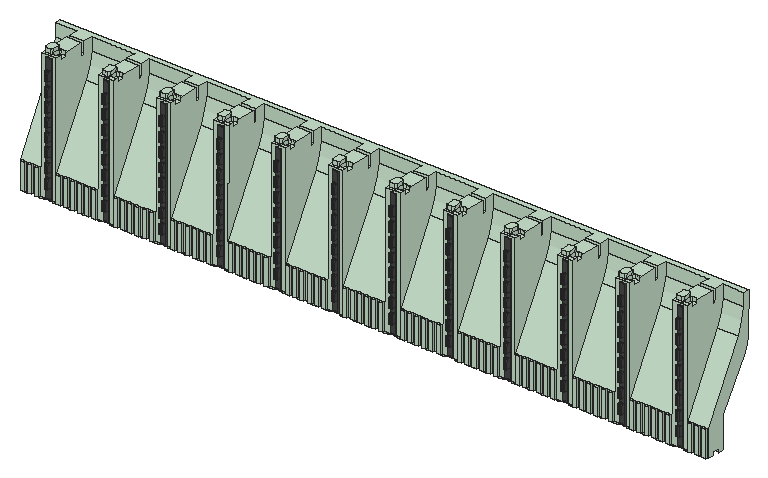
Revit family (continued)
Forms (mm)
  Extrusion 61, solid, material "NUDURA Expanded Polystyrene Foam Insulation"
    sketch origin (0, 0, 0) x (0, 1, 0) y (0, 0, 1)
      loop
        line (257.175, 330.2) -> (257.175, 457.2) -> (239.395, 457.2) -> (239.395, 412.75)
        arc (239.395, 412.75) -> (229.98, 370.464) -> (213.995, 330.2) r 273.05
        line (213.995, 330.2) -> (82.55, 92.075) -> (82.55, 0) -> (142.875, 0) -> (142.875, 98.425)
        arc (142.875, 98.425) -> (143.415, 104.58) -> (145.215, 110.49) r 29.756
        line (145.215, 110.49) -> (240.16, 266.7)
        arc (240.16, 266.7) -> (252.848, 297.33) -> (257.175, 330.2) r 127
    from 0 to 2438.4
  Extrusion 62, solid, material "NUDURA Expanded Polystyrene Foam Insulation"
    sketch origin (0, 0, 0) x (0, 1, 0) y (0, 0, 1)
      loop
        arc (206.375, 419.1) -> (200.025, 412.75) -> (193.675, 419.1) r 6.35
        line (193.675, 419.1) -> (193.675, 457.2) -> (82.55, 457.2) -> (82.55, 92.075) -> (213.995, 330.2)
        arc (213.995, 330.2) -> (229.98, 370.464) -> (239.395, 412.75) r 273.05
        line (239.395, 412.75) -> (239.395, 457.2) -> (206.375, 457.2) -> (206.375, 419.1)
    from 76.2 to 127
  Extrusion 63, solid, material "NUDURA Expanded Polystyrene Foam Insulation"
    sketch origin (0, 0, 0) x (0, 1, 0) y (0, 0, 1)
      loop
        arc (206.375, 419.1) -> (200.025, 412.75) -> (193.675, 419.1) r 6.35
        line (193.675, 419.1) -> (193.675, 457.2) -> (82.55, 457.2) -> (82.55, 92.075) -> (213.995, 330.2)
        arc (213.995, 330.2) -> (229.98, 370.464) -> (239.395, 412.75) r 273.05
        line (239.395, 412.75) -> (239.395, 457.2) -> (206.375, 457.2) -> (206.375, 419.1)
    from 279.4 to 330.2
  Extrusion 64, solid, material "NUDURA Expanded Polystyrene Foam Insulation"
    sketch origin (203.2, 0, 0) x (0, 1, 0) y (0, 0, 1)
      loop
        arc (206.375, 419.1) -> (200.025, 412.75) -> (193.675, 419.1) r 6.35
        line (193.675, 419.1) -> (193.675, 457.2) -> (82.55, 457.2) -> (82.55, 92.075) -> (213.995, 330.2)
        arc (213.995, 330.2) -> (229.98, 370.464) -> (239.395, 412.75) r 273.05
        line (239.395, 412.75) -> (239.395, 457.2) -> (206.375, 457.2) -> (206.375, 419.1)
    from 279.4 to 330.2
  Extrusion 65, solid, material "NUDURA Expanded Polystyrene Foam Insulation"
    sketch origin (0, 0, 0) x (0, 1, 0) y (0, 0, 1)
      loop
        line (239.395, 457.2) -> (206.375, 457.2) -> (206.375, 419.1)
        arc (206.375, 419.1) -> (200.025, 412.75) -> (193.675, 419.1) r 6.35
        line (193.675, 419.1) -> (193.675, 457.2) -> (82.55, 457.2) -> (82.55, 92.075) -> (213.995, 330.2)
        arc (213.995, 330.2) -> (229.98, 370.464) -> (239.395, 412.75) r 273.05
        line (239.395, 412.75) -> (239.395, 457.2)
    from 685.8 to 736.6
  Extrusion 66, solid, material "NUDURA Expanded Polystyrene Foam Insulation"
    sketch origin (0, 0, 0) x (0, 1, 0) y (0, 0, 1)
      loop
        line (239.395, 457.2) -> (206.375, 457.2) -> (206.375, 419.1)
        arc (206.375, 419.1) -> (200.025, 412.75) -> (193.675, 419.1) r 6.35
        line (193.675, 419.1) -> (193.675, 457.2) -> (82.55, 457.2) -> (82.55, 92.075) -> (213.995, 330.2)
        arc (213.995, 330.2) -> (229.98, 370.464) -> (239.395, 412.75) r 273.05
        line (239.395, 412.75) -> (239.395, 457.2)
    from 889 to 939.8
  Extrusion 67, solid, material "NUDURA Expanded Polystyrene Foam Insulation"
    sketch origin (0, 0, 0) x (0, 1, 0) y (0, 0, 1)
      loop
        line (239.395, 457.2) -> (206.375, 457.2) -> (206.375, 419.1)
        arc (206.375, 419.1) -> (200.025, 412.75) -> (193.675, 419.1) r 6.35
        line (193.675, 419.1) -> (193.675, 457.2) -> (82.55, 457.2) -> (82.55, 92.075) -> (213.995, 330.2)
        arc (213.995, 330.2) -> (229.98, 370.464) -> (239.395, 412.75) r 273.05
        line (239.395, 412.75) -> (239.395, 457.2)
    from 1092.2 to 1143
  Extrusion 68, solid, material "NUDURA Expanded Polystyrene Foam Insulation"
    sketch origin (0, 0, 0) x (0, 1, 0) y (0, 0, 1)
      loop
        line (239.395, 457.2) -> (206.375, 457.2) -> (206.375, 419.1)
        arc (206.375, 419.1) -> (200.025, 412.75) -> (193.675, 419.1) r 6.35
        line (193.675, 419.1) -> (193.675, 457.2) -> (82.55, 457.2) -> (82.55, 92.075) -> (213.995, 330.2)
        arc (213.995, 330.2) -> (229.98, 370.464) -> (239.395, 412.75) r 273.05
        line (239.395, 412.75) -> (239.395, 457.2)
    from 1295.4 to 1346.2
  Extrusion 69, solid, material "NUDURA Expanded Polystyrene Foam Insulation"
    sketch origin (0, 0, 0) x (0, 1, 0) y (0, 0, 1)
      loop
        line (239.395, 457.2) -> (206.375, 457.2) -> (206.375, 419.1)
        arc (206.375, 419.1) -> (200.025, 412.75) -> (193.675, 419.1) r 6.35
        line (193.675, 419.1) -> (193.675, 457.2) -> (82.55, 457.2) -> (82.55, 92.075) -> (213.995, 330.2)
        arc (213.995, 330.2) -> (229.98, 370.464) -> (239.395, 412.75) r 273.05
        line (239.395, 412.75) -> (239.395, 457.2)
    from 1498.6 to 1549.4
  Extrusion 70, solid, material "NUDURA Expanded Polystyrene Foam Insulation"
    sketch origin (0, 0, 0) x (0, 1, 0) y (0, 0, 1)
      loop
        line (239.395, 457.2) -> (206.375, 457.2) -> (206.375, 419.1)
        arc (206.375, 419.1) -> (200.025, 412.75) -> (193.675, 419.1) r 6.35
        line (193.675, 419.1) -> (193.675, 457.2) -> (82.55, 457.2) -> (82.55, 92.075) -> (213.995, 330.2)
        arc (213.995, 330.2) -> (229.98, 370.464) -> (239.395, 412.75) r 273.05
        line (239.395, 412.75) -> (239.395, 457.2)
    from 1701.8 to 1752.6
  Extrusion 71, solid, material "NUDURA Expanded Polystyrene Foam Insulation"
    sketch origin (0, 0, 0) x (0, 1, 0) y (0, 0, 1)
      loop
        line (239.395, 457.2) -> (206.375, 457.2) -> (206.375, 419.1)
        arc (206.375, 419.1) -> (200.025, 412.75) -> (193.675, 419.1) r 6.35
        line (193.675, 419.1) -> (193.675, 457.2) -> (82.55, 457.2) -> (82.55, 92.075) -> (213.995, 330.2)
        arc (213.995, 330.2) -> (229.98, 370.464) -> (239.395, 412.75) r 273.05
        line (239.395, 412.75) -> (239.395, 457.2)
    from 1905 to 1955.8
  Extrusion 72, solid, material "NUDURA Expanded Polystyrene Foam Insulation"
    sketch origin (0, 0, 0) x (0, 1, 0) y (0, 0, 1)
      loop
        line (239.395, 457.2) -> (206.375, 457.2) -> (206.375, 419.1)
        arc (206.375, 419.1) -> (200.025, 412.75) -> (193.675, 419.1) r 6.35
        line (193.675, 419.1) -> (193.675, 457.2) -> (82.55, 457.2) -> (82.55, 92.075) -> (213.995, 330.2)
        arc (213.995, 330.2) -> (229.98, 370.464) -> (239.395, 412.75) r 273.05
        line (239.395, 412.75) -> (239.395, 457.2)
    from 2108.2 to 2159
  Extrusion 73, solid, material "NUDURA Expanded Polystyrene Foam Insulation"
    sketch origin (0, 0, 0) x (0, 1, 0) y (0, 0, 1)
      loop
        line (239.395, 457.2) -> (206.375, 457.2) -> (206.375, 419.1)
        arc (206.375, 419.1) -> (200.025, 412.75) -> (193.675, 419.1) r 6.35
        line (193.675, 419.1) -> (193.675, 457.2) -> (82.55, 457.2) -> (82.55, 92.075) -> (213.995, 330.2)
        arc (213.995, 330.2) -> (229.98, 370.464) -> (239.395, 412.75) r 273.05
        line (239.395, 412.75) -> (239.395, 457.2)
    from 2311.4 to 2362.2
  Extrusion 74, solid, material "NUDURA Expanded Polystyrene Foam Insulation"
    sketch origin (0, 0, 0) x (1, 0, 0) y (0, 1, 0)
      loop
        line (2418.558, 76.2) -> (2432.842, 76.2) -> (2431.258, 82.55) -> (2420.142, 82.55) -> (2418.558, 76.2)
      loop
        line (2393.158, 76.2) -> (2407.442, 76.2) -> (2405.858, 82.55) -> (2394.742, 82.55) -> (2393.158, 76.2)
      loop
        line (2367.758, 76.2) -> (2382.042, 76.2) -> (2380.458, 82.55) -> (2369.342, 82.55) -> (2367.758, 76.2)
      loop
        line (2291.558, 76.2) -> (2305.842, 76.2) -> (2304.258, 82.55) -> (2293.142, 82.55) -> (2291.558, 76.2)
      loop
        line (2266.158, 76.2) -> (2280.442, 76.2) -> (2278.858, 82.55) -> (2267.742, 82.55) -> (2266.158, 76.2)
      loop
        line (2240.758, 76.2) -> (2255.042, 76.2) -> (2253.458, 82.55) -> (2242.342, 82.55) -> (2240.758, 76.2)
      loop
        line (2215.358, 76.2) -> (2229.642, 76.2) -> (2228.058, 82.55) -> (2216.942, 82.55) -> (2215.358, 76.2)
      loop
        line (2189.958, 76.2) -> (2204.242, 76.2) -> (2202.658, 82.55) -> (2191.542, 82.55) -> (2189.958, 76.2)
      loop
        line (2164.558, 76.2) -> (2178.842, 76.2) -> (2177.258, 82.55) -> (2166.142, 82.55) -> (2164.558, 76.2)
      loop
        line (2088.358, 76.2) -> (2102.642, 76.2) -> (2101.058, 82.55) -> (2089.942, 82.55) -> (2088.358, 76.2)
      loop
        line (2062.958, 76.2) -> (2077.242, 76.2) -> (2075.658, 82.55) -> (2064.542, 82.55) -> (2062.958, 76.2)
      loop
        line (2037.558, 76.2) -> (2051.842, 76.2) -> (2050.258, 82.55) -> (2039.142, 82.55) -> (2037.558, 76.2)
      loop
        line (2012.158, 76.2) -> (2026.442, 76.2) -> (2024.858, 82.55) -> (2013.742, 82.55) -> (2012.158, 76.2)
      loop
        line (1986.758, 76.2) -> (2001.042, 76.2) -> (1999.458, 82.55) -> (1988.342, 82.55) -> (1986.758, 76.2)
      loop
        line (1961.358, 76.2) -> (1975.642, 76.2) -> (1974.058, 82.55) -> (1962.942, 82.55) -> (1961.358, 76.2)
      loop
        line (1885.158, 76.2) -> (1899.442, 76.2) -> (1897.858, 82.55) -> (1886.742, 82.55) -> (1885.158, 76.2)
      loop
        line (1859.758, 76.2) -> (1874.042, 76.2) -> (1872.458, 82.55) -> (1861.342, 82.55) -> (1859.758, 76.2)
      loop
        line (1834.358, 76.2) -> (1848.642, 76.2) -> (1847.058, 82.55) -> (1835.942, 82.55) -> (1834.358, 76.2)
      loop
        line (1808.958, 76.2) -> (1823.242, 76.2) -> (1821.658, 82.55) -> (1810.542, 82.55) -> (1808.958, 76.2)
      loop
        line (1783.558, 76.2) -> (1797.842, 76.2) -> (1796.258, 82.55) -> (1785.142, 82.55) -> (1783.558, 76.2)
      loop
        line (1758.158, 76.2) -> (1772.442, 76.2) -> (1770.858, 82.55) -> (1759.742, 82.55) -> (1758.158, 76.2)
      loop
        line (1681.958, 76.2) -> (1696.242, 76.2) -> (1694.658, 82.55) -> (1683.542, 82.55) -> (1681.958, 76.2)
      loop
        line (1656.558, 76.2) -> (1670.842, 76.2) -> (1669.258, 82.55) -> (1658.142, 82.55) -> (1656.558, 76.2)
      loop
        line (1631.158, 76.2) -> (1645.442, 76.2) -> (1643.858, 82.55) -> (1632.742, 82.55) -> (1631.158, 76.2)
      loop
        line (1605.758, 76.2) -> (1620.042, 76.2) -> (1618.458, 82.55) -> (1607.342, 82.55) -> (1605.758, 76.2)
      loop
        line (1580.358, 76.2) -> (1594.642, 76.2) -> (1593.058, 82.55) -> (1581.942, 82.55) -> (1580.358, 76.2)
      loop
        line (1554.958, 76.2) -> (1569.242, 76.2) -> (1567.658, 82.55) -> (1556.542, 82.55) -> (1554.958, 76.2)
      loop
        line (1478.758, 76.2) -> (1493.042, 76.2) -> (1491.458, 82.55) -> (1480.342, 82.55) -> (1478.758, 76.2)
      loop
        line (1453.358, 76.2) -> (1467.642, 76.2) -> (1466.058, 82.55) -> (1454.942, 82.55) -> (1453.358, 76.2)
      loop
        line (1427.958, 76.2) -> (1442.242, 76.2) -> (1440.658, 82.55) -> (1429.542, 82.55) -> (1427.958, 76.2)
      loop
        line (1402.558, 76.2) -> (1416.842, 76.2) -> (1415.258, 82.55) -> (1404.142, 82.55) -> (1402.558, 76.2)
      loop
        line (1377.158, 76.2) -> (1391.442, 76.2) -> (1389.858, 82.55) -> (1378.742, 82.55) -> (1377.158, 76.2)
      loop
        line (1351.758, 76.2) -> (1366.042, 76.2) -> (1364.458, 82.55) -> (1353.342, 82.55) -> (1351.758, 76.2)
      loop
        line (1275.558, 76.2) -> (1289.842, 76.2) -> (1288.258, 82.55) -> (1277.142, 82.55) -> (1275.558, 76.2)
      loop
        line (1250.158, 76.2) -> (1264.442, 76.2) -> (1262.858, 82.55) -> (1251.742, 82.55) -> (1250.158, 76.2)
      loop
        line (1224.758, 76.2) -> (1239.042, 76.2) -> (1237.458, 82.55) -> (1226.342, 82.55) -> (1224.758, 76.2)
      loop
        line (1199.358, 76.2) -> (1213.642, 76.2) -> (1212.058, 82.55) -> (1200.942, 82.55) -> (1199.358, 76.2)
      loop
        line (1173.958, 76.2) -> (1188.242, 76.2) -> (1186.658, 82.55) -> (1175.542, 82.55) -> (1173.958, 76.2)
      loop
        line (1148.558, 76.2) -> (1162.842, 76.2) -> (1161.258, 82.55) -> (1150.142, 82.55) -> (1148.558, 76.2)
      loop
        line (1072.358, 76.2) -> (1086.642, 76.2) -> (1085.058, 82.55) -> (1073.942, 82.55) -> (1072.358, 76.2)
      loop
        line (1046.958, 76.2) -> (1061.242, 76.2) -> (1059.658, 82.55) -> (1048.542, 82.55) -> (1046.958, 76.2)
      loop
        line (1021.558, 76.2) -> (1035.842, 76.2) -> (1034.258, 82.55) -> (1023.142, 82.55) -> (1021.558, 76.2)
      loop
        line (996.158, 76.2) -> (1010.442, 76.2) -> (1008.858, 82.55) -> (997.742, 82.55) -> (996.158, 76.2)
      loop
        line (970.758, 76.2) -> (985.042, 76.2) -> (983.458, 82.55) -> (972.342, 82.55) -> (970.758, 76.2)
      loop
        line (945.358, 76.2) -> (959.642, 76.2) -> (958.058, 82.55) -> (946.942, 82.55) -> (945.358, 76.2)
      loop
        line (869.158, 76.2) -> (883.442, 76.2) -> (881.858, 82.55) -> (870.742, 82.55) -> (869.158, 76.2)
      loop
        line (843.758, 76.2) -> (858.042, 76.2) -> (856.458, 82.55) -> (845.342, 82.55) -> (843.758, 76.2)
      loop
        line (818.358, 76.2) -> (832.642, 76.2) -> (831.058, 82.55) -> (819.942, 82.55) -> (818.358, 76.2)
      loop
        line (792.958, 76.2) -> (807.242, 76.2) -> (805.658, 82.55) -> (794.542, 82.55) -> (792.958, 76.2)
      loop
        line (767.558, 76.2) -> (781.842, 76.2) -> (780.258, 82.55) -> (769.142, 82.55) -> (767.558, 76.2)
      loop
        line (742.158, 76.2) -> (756.442, 76.2) -> (754.858, 82.55) -> (743.742, 82.55) -> (742.158, 76.2)
      loop
        line (665.958, 76.2) -> (680.242, 76.2) -> (678.658, 82.55) -> (667.542, 82.55) -> (665.958, 76.2)
      loop
        line (640.558, 76.2) -> (654.842, 76.2) -> (653.258, 82.55) -> (642.142, 82.55) -> (640.558, 76.2)
      loop
        line (615.158, 76.2) -> (629.442, 76.2) -> (627.858, 82.55) -> (616.742, 82.55) -> (615.158, 76.2)
      loop
        line (589.758, 76.2) -> (604.042, 76.2) -> (602.458, 82.55) -> (591.342, 82.55) -> (589.758, 76.2)
      loop
        line (564.358, 76.2) -> (578.642, 76.2) -> (577.058, 82.55) -> (565.942, 82.55) -> (564.358, 76.2)
      loop
        line (538.958, 76.2) -> (553.242, 76.2) -> (551.658, 82.55) -> (540.542, 82.55) -> (538.958, 76.2)
      loop
        line (462.758, 76.2) -> (477.042, 76.2) -> (475.458, 82.55) -> (464.342, 82.55) -> (462.758, 76.2)
      loop
        line (437.358, 76.2) -> (451.642, 76.2) -> (450.058, 82.55) -> (438.942, 82.55) -> (437.358, 76.2)
      loop
        line (411.958, 76.2) -> (426.242, 76.2) -> (424.658, 82.55) -> (413.542, 82.55) -> (411.958, 76.2)
      loop
        line (386.558, 76.2) -> (400.842, 76.2) -> (399.258, 82.55) -> (388.142, 82.55) -> (386.558, 76.2)
      loop
        line (361.158, 76.2) -> (375.442, 76.2) -> (373.858, 82.55) -> (362.742, 82.55) -> (361.158, 76.2)
      loop
        line (335.758, 76.2) -> (350.042, 76.2) -> (348.458, 82.55) -> (337.342, 82.55) -> (335.758, 76.2)
      loop
        line (259.558, 76.2) -> (273.842, 76.2) -> (272.258, 82.55) -> (261.142, 82.55) -> (259.558, 76.2)
      loop
        line (234.158, 76.2) -> (248.442, 76.2) -> (246.858, 82.55) -> (235.742, 82.55) -> (234.158, 76.2)
      loop
        line (208.758, 76.2) -> (223.042, 76.2) -> (221.458, 82.55) -> (210.342, 82.55) -> (208.758, 76.2)
      loop
        line (183.358, 76.2) -> (197.642, 76.2) -> (196.058, 82.55) -> (184.942, 82.55) -> (183.358, 76.2)
      loop
        line (157.958, 76.2) -> (172.242, 76.2) -> (170.658, 82.55) -> (159.542, 82.55) -> (157.958, 76.2)
      loop
        line (132.558, 76.2) -> (146.842, 76.2) -> (145.258, 82.55) -> (134.142, 82.55) -> (132.558, 76.2)
      loop
        line (56.358, 76.2) -> (70.642, 76.2) -> (69.058, 82.55) -> (57.942, 82.55) -> (56.358, 76.2)
      loop
        line (30.958, 76.2) -> (45.242, 76.2) -> (43.658, 82.55) -> (32.542, 82.55) -> (30.958, 76.2)
      loop
        line (5.558, 76.2) -> (19.842, 76.2) -> (18.258, 82.55) -> (7.142, 82.55) -> (5.558, 76.2)
    from 0 to 92.075
Cuts and joins
  Extrusion 1, Extrusion 13, Extrusion 14, Extrusion 15, Extrusion 16, Extrusion 17, Extrusion 18, Extrusion 19, Extrusion 20, Extrusion 21, Extrusion 22, Extrusion 23, Extrusion 24, Extrusion 25, Extrusion 26, Extrusion 27, Extrusion 28, Extrusion 29, Extrusion 30, Extrusion 31, Extrusion 32, Extrusion 33, Extrusion 34, Extrusion 35, Extrusion 36, Extrusion 37, Extrusion 38, Extrusion 39, Extrusion 40, Extrusion 41, Extrusion 42, Extrusion 43, Extrusion 44, Extrusion 45, Extrusion 46, Extrusion 47, Extrusion 48, Extrusion 49, Extrusion 50, Extrusion 51, Extrusion 52, Extrusion 53, Extrusion 54, Extrusion 55, Extrusion 56, Extrusion 57, Extrusion 58, Extrusion 59, Extrusion 60 cuts Extrusion 61
  Extrusion 12 cuts Extrusion 62
  Extrusion 11 cuts Extrusion 63
  Extrusion 10 cuts Extrusion 64
  Extrusion 9 cuts Extrusion 65
  Extrusion 8 cuts Extrusion 66
  Extrusion 7 cuts Extrusion 67
  Extrusion 6 cuts Extrusion 68
  Extrusion 5 cuts Extrusion 69
  Extrusion 4 cuts Extrusion 70
  Extrusion 3 cuts Extrusion 71
  Extrusion 2 cuts Extrusion 72
  Extrusion 1 cuts Extrusion 73
  joined: Extrusion 61, Extrusion 62, Extrusion 63, Extrusion 64, Extrusion 65, Extrusion 66, Extrusion 67, Extrusion 68, Extrusion 69, Extrusion 70, Extrusion 71, Extrusion 72, Extrusion 73, Extrusion 74
Dimensions and locks
  aligned and locked: level to plane 2
Nested families
  nested 1: "Interlock Tooth" at (76.2, 225.425, 0), type "Interlock Tooth"
  nested 2: "Interlock Tooth" at (279.4, 225.425, 0), type "Interlock Tooth"
  nested 3: "Interlock Tooth" at (482.6, 225.425, 0), type "Interlock Tooth"
  nested 4: "Interlock Tooth" at (685.8, 225.425, 0), type "Interlock Tooth"
  nested 5: "Interlock Tooth" at (889, 225.425, 0), type "Interlock Tooth"
  nested 6: "Interlock Tooth" at (1092.2, 225.425, 0), type "Interlock Tooth"
  nested 7: "Interlock Tooth" at (1295.4, 225.425, 0), type "Interlock Tooth"
  nested 8: "Interlock Tooth" at (1498.6, 225.425, 0), type "Interlock Tooth"
  nested 9: "Interlock Tooth" at (1701.8, 225.425, 0), type "Interlock Tooth"
  nested 10: "Interlock Tooth" at (1905, 225.425, 0), type "Interlock Tooth"
  nested 11: "Interlock Tooth" at (2108.2, 225.425, 0), type "Interlock Tooth"
  nested 12: "Interlock Tooth" at (2311.4, 225.425, 0), type "Interlock Tooth"
  nested 13: "Interlock Tooth" at (0, 0, -469.9), type "Interlock Tooth"
  nested 14: "Interlock Tooth" at (50.8, 0, -469.9), type "Interlock Tooth"
  nested 15: "Interlock Tooth" at (101.6, 0, -469.9), type "Interlock Tooth"
  nested 16: "Interlock Tooth" at (152.4, 0, -469.9), type "Interlock Tooth"
  nested 17: "Interlock Tooth" at (203.2, 0, -469.9), type "Interlock Tooth"
  nested 18: "Interlock Tooth" at (254, 0, -469.9), type "Interlock Tooth"
  nested 19: "Interlock Tooth" at (304.8, 0, -469.9), type "Interlock Tooth"
  nested 20: "Interlock Tooth" at (355.6, 0, -469.9), type "Interlock Tooth"
  nested 21: "Interlock Tooth" at (406.4, 0, -469.9), type "Interlock Tooth"
  nested 22: "Interlock Tooth" at (457.2, 0, -469.9), type "Interlock Tooth"
  nested 23: "Interlock Tooth" at (508, 0, -469.9), type "Interlock Tooth"
  nested 24: "Interlock Tooth" at (558.8, 0, -469.9), type "Interlock Tooth"
  nested 25: "Interlock Tooth" at (609.6, 0, -469.9), type "Interlock Tooth"
  nested 26: "Interlock Tooth" at (660.4, 0, -469.9), type "Interlock Tooth"
  nested 27: "Interlock Tooth" at (711.2, 0, -469.9), type "Interlock Tooth"
  nested 28: "Interlock Tooth" at (762, 0, -469.9), type "Interlock Tooth"
  nested 29: "Interlock Tooth" at (812.8, 0, -469.9), type "Interlock Tooth"
  nested 30: "Interlock Tooth" at (863.6, 0, -469.9), type "Interlock Tooth"
  nested 31: "Interlock Tooth" at (914.4, 0, -469.9), type "Interlock Tooth"
  nested 32: "Interlock Tooth" at (965.2, 0, -469.9), type "Interlock Tooth"
  nested 33: "Interlock Tooth" at (1016, 0, -469.9), type "Interlock Tooth"
  nested 34: "Interlock Tooth" at (1066.8, 0, -469.9), type "Interlock Tooth"
  nested 35: "Interlock Tooth" at (1117.6, 0, -469.9), type "Interlock Tooth"
  nested 36: "Interlock Tooth" at (1168.4, 0, -469.9), type "Interlock Tooth"
  nested 37: "Interlock Tooth" at (1219.2, 0, -469.9), type "Interlock Tooth"
  nested 38: "Interlock Tooth" at (1270, 0, -469.9), type "Interlock Tooth"
  nested 39: "Interlock Tooth" at (1320.8, 0, -469.9), type "Interlock Tooth"
  nested 40: "Interlock Tooth" at (1371.6, 0, -469.9), type "Interlock Tooth"
  nested 41: "Interlock Tooth" at (1422.4, 0, -469.9), type "Interlock Tooth"
  nested 42: "Interlock Tooth" at (1473.2, 0, -469.9), type "Interlock Tooth"
  nested 43: "Interlock Tooth" at (1524, 0, -469.9), type "Interlock Tooth"
  nested 44: "Interlock Tooth" at (1574.8, 0, -469.9), type "Interlock Tooth"
  nested 45: "Interlock Tooth" at (1625.6, 0, -469.9), type "Interlock Tooth"
  nested 46: "Interlock Tooth" at (1676.4, 0, -469.9), type "Interlock Tooth"
  nested 47: "Interlock Tooth" at (1727.2, 0, -469.9), type "Interlock Tooth"
  nested 48: "Interlock Tooth" at (1778, 0, -469.9), type "Interlock Tooth"
  nested 49: "Interlock Tooth" at (1828.8, 0, -469.9), type "Interlock Tooth"
  nested 50: "Interlock Tooth" at (1879.6, 0, -469.9), type "Interlock Tooth"
  nested 51: "Interlock Tooth" at (1930.4, 0, -469.9), type "Interlock Tooth"
  nested 52: "Interlock Tooth" at (1981.2, 0, -469.9), type "Interlock Tooth"
  nested 53: "Interlock Tooth" at (2032, 0, -469.9), type "Interlock Tooth"
  nested 54: "Interlock Tooth" at (2082.8, 0, -469.9), type "Interlock Tooth"
  nested 55: "Interlock Tooth" at (2133.6, 0, -469.9), type "Interlock Tooth"
  nested 56: "Interlock Tooth" at (2184.4, 0, -469.9), type "Interlock Tooth"
  nested 57: "Interlock Tooth" at (2235.2, 0, -469.9), type "Interlock Tooth"
  nested 58: "Interlock Tooth" at (2286, 0, -469.9), type "Interlock Tooth"
  nested 59: "Interlock Tooth" at (2336.8, 0, -469.9), type "Interlock Tooth"
  nested 60: "Interlock Tooth" at (2387.6, 0, -469.9), type "Interlock Tooth"
  nested 61: "NUDURA Brick Ledge Diamond Pattern" at (2235.2, 285.75, 0), type "NUDURA Brick Ledge Diamond Pattern"
  nested 62: "NUDURA Brick Ledge Diamond Pattern" at (2032, 285.75, 0), type "NUDURA Brick Ledge Diamond Pattern"
  nested 63: "NUDURA Brick Ledge Diamond Pattern" at (1828.8, 285.75, 0), type "NUDURA Brick Ledge Diamond Pattern"
  nested 64: "NUDURA Brick Ledge Diamond Pattern" at (1625.6, 285.75, 0), type "NUDURA Brick Ledge Diamond Pattern"
  nested 65: "NUDURA Brick Ledge Diamond Pattern" at (1422.4, 285.75, 0), type "NUDURA Brick Ledge Diamond Pattern"
  nested 66: "NUDURA Brick Ledge Diamond Pattern" at (1219.2, 285.75, 0), type "NUDURA Brick Ledge Diamond Pattern"
  nested 67: "NUDURA Brick Ledge Diamond Pattern" at (1016, 285.75, 0), type "NUDURA Brick Ledge Diamond Pattern"
  nested 68: "NUDURA Brick Ledge Diamond Pattern" at (812.8, 285.75, 0), type "NUDURA Brick Ledge Diamond Pattern"
  nested 69: "NUDURA Brick Ledge Diamond Pattern" at (609.6, 285.75, 0), type "NUDURA Brick Ledge Diamond Pattern"
  nested 70: "NUDURA Brick Ledge Diamond Pattern" at (406.4, 285.75, 0), type "NUDURA Brick Ledge Diamond Pattern"
  nested 71: "NUDURA Brick Ledge Diamond Pattern" at (203.2, 285.75, 0), type "NUDURA Brick Ledge Diamond Pattern"
  nested 72: "NUDURA Brick Ledge Diamond Pattern" at (0, 285.75, 0), type "NUDURA Brick Ledge Diamond Pattern"
  nested 73: "Capture Lugs" at (101.6, 0, 0) x (-1, 0, 0) z (0, 0, 1), type "Capture Lugs"
  nested 74: "Capture Lugs" at (304.8, 0, 0) x (-1, 0, 0) z (0, 0, 1), type "Capture Lugs"
  nested 75: "Capture Lugs" at (508, 0, 0) x (-1, 0, 0) z (0, 0, 1), type "Capture Lugs"
  nested 76: "Capture Lugs" at (711.2, 0, 0) x (-1, 0, 0) z (0, 0, 1), type "Capture Lugs"
  nested 77: "Capture Lugs" at (914.4, 0, 0) x (-1, 0, 0) z (0, 0, 1), type "Capture Lugs"
  nested 78: "Capture Lugs" at (1320.8, 0, 0) x (-1, 0, 0) z (0, 0, 1), type "Capture Lugs"
  nested 79: "Capture Lugs" at (1117.6, 0, 0) x (-1, 0, 0) z (0, 0, 1), type "Capture Lugs"
  nested 80: "Capture Lugs" at (1524, 0, 0) x (-1, 0, 0) z (0, 0, 1), type "Capture Lugs"
  nested 81: "Capture Lugs" at (1727.2, 0, 0) x (-1, 0, 0) z (0, 0, 1), type "Capture Lugs"
  nested 82: "Capture Lugs" at (1930.4, 0, 0) x (-1, 0, 0) z (0, 0, 1), type "Capture Lugs"
  nested 83: "Capture Lugs" at (2133.6, 0, 0) x (-1, 0, 0) z (0, 0, 1), type "Capture Lugs"
  nested 84: "Capture Lugs" at (2336.8, 0, 0) x (-1, 0, 0) z (0, 0, 1), type "Capture Lugs"
Definition of nested family "Interlock Tooth"
  Reference planes
    plane 1 "Center (Front/Back)": y = 0
    plane 2: z = 0
    plane 3 "Center (Left/Right)": x = 0
    plane 4: z = 457.2
    plane 5: z = 469.9
    plane 6: z = -12.7
  Forms (mm)
    Extrusion 1, solid, material "NUDURA Expanded Polystyrene Foam Insulation"
      sketch origin (0, -225.425, 0) x (1, 0, 0) y (0, 1, 0)
        loop
          arc (0, 101.014) -> (1.215, 97.278) -> (4.396, 94.972) r 6.35
          arc (4.396, 94.972) -> (12.7, 93.663) -> (21.004, 94.972) r 26.988
          arc (21.004, 94.972) -> (24.185, 97.278) -> (25.4, 101.014) r 6.35
          line (25.4, 101.014) -> (25.4, 124.411)
          arc (25.4, 124.411) -> (24.185, 128.147) -> (21.004, 130.453) r 6.35
          arc (21.004, 130.453) -> (12.7, 131.763) -> (4.396, 130.453) r 26.987
          arc (4.396, 130.453) -> (1.215, 128.147) -> (0, 124.411) r 6.35
          line (0, 124.411) -> (0, 101.014)
      from 457.2 to 469.9
  Dimensions and locks
    locked: plane 4 to level at 457.2
    locked: plane 4 to plane 5 at 12.7
    locked: plane 6 to level at 12.7
Definition of nested family "Capture Lugs"
  Reference planes
    plane 1 "Center (Front/Back)": y = 0
    plane 2: z = 0
    plane 3 "Center (Left/Right)": x = 0
  Forms (mm)
    Extrusion 1, solid, material "High Density Polystyrene"
      sketch origin (0, 0, 0) x (0, 1, 0) y (0, 0, 1)
        loop
          arc (-82.55, 0) -> (-81.817, 0.502) -> (-81.534, 1.344) r 1.397
          line (-81.534, 1.344) -> (-81.534, 449.4)
          arc (-81.534, 449.4) -> (-81.817, 450.243) -> (-82.55, 450.744) r 1.397
          line (-82.55, 450.744) -> (-82.55, 0)
      from 9.227 to -9.227
    Extrusion 2, solid, material "High Density Polystyrene"
      sketch origin (0, 0, 0) x (0, 1, 0) y (0, 0, 1)
        loop
          line (-81.534, 410.919) -> (-81.534, 380.439) -> (-68.834, 380.439) -> (-68.834, 410.919) -> (-81.534, 410.919)
        loop
          line (-81.534, 361.389) -> (-81.534, 330.909) -> (-68.834, 330.909) -> (-68.834, 361.389) -> (-81.534, 361.389)
        loop
          line (-81.534, 311.859) -> (-81.534, 281.379) -> (-68.834, 281.379) -> (-68.834, 311.859) -> (-81.534, 311.859)
        loop
          line (-81.534, 262.329) -> (-81.534, 234.897) -> (-68.834, 234.897) -> (-68.834, 262.329) -> (-81.534, 262.329)
        loop
          line (-81.534, 215.847) -> (-81.534, 188.415) -> (-68.834, 188.415) -> (-68.834, 215.847) -> (-81.534, 215.847)
        loop
          line (-81.534, 169.365) -> (-81.534, 138.885) -> (-68.834, 138.885) -> (-68.834, 169.365) -> (-81.534, 169.365)
        loop
          line (-81.534, 119.835) -> (-81.534, 89.355) -> (-68.834, 89.355) -> (-68.834, 119.835) -> (-81.534, 119.835)
        loop
          line (-81.534, 70.305) -> (-81.534, 39.825) -> (-68.834, 39.825) -> (-68.834, 70.305) -> (-81.534, 70.305)
      from 6.35 to -6.35
    Extrusion 3, void
      sketch origin (0, 0, 0) x (1, 0, 0) y (0, 1, 0)
        loop
          arc (-6.35, -70.929) -> (-5.736, -69.448) -> (-4.255, -68.834) r 2.095
          line (-4.255, -68.834) -> (-6.35, -68.834) -> (-6.35, -70.929)
      from 0 to 457.2
    Extrusion 4, void
      sketch origin (0, 0, 0) x (-1, 0, 0) y (0, -1, 0)
        loop
          line (-6.35, 70.929) -> (-6.35, 68.834) -> (-4.255, 68.834)
          arc (-4.255, 68.834) -> (-5.736, 69.448) -> (-6.35, 70.929) r 2.095
      from 0 to 457.2
    Extrusion 5, void
      sketch origin (0, 0, 0) x (1, 0, 0) y (0, 1, 0)
        loop
          arc (-1.191, -72.009) -> (0, -78.127) -> (1.191, -72.009) r 3.175
          line (1.191, -72.009) -> (1.191, -68.834) -> (-1.191, -68.834) -> (-1.191, -72.009)
      from 0 to 457.2
  Cuts and joins
    Extrusion 3, Extrusion 4 cuts Extrusion 1
    Extrusion 3, Extrusion 4, Extrusion 5 cuts Extrusion 2
Definition of nested family "NUDURA Brick Ledge Diamond Pattern"
  Reference planes
    plane 1 "Center (Front/Back)": y = 0
    plane 2: z = 0
    plane 3 "Center (Left/Right)": x = 0
    plane 4: z = 101.6
  Lines and regions (mm)
    model lines
      curve 1: line (203.2, -142.875, 101.6) -> (203.2, -142.875, 0)
      curve 2: line (152.4, -142.875, 101.6) -> (152.4, -142.875, 0)
      curve 3: line (50.8, -142.875, 101.6) -> (50.8, -142.875, 0)
      curve 4: arc (117.704, -142.875, 88.515) -> (120.494, -142.875, 95.25) -> (117.704, -142.875, 101.985) r 9.525
      curve 5: line (108.981, -142.875, 79.792) -> (117.704, -142.875, 88.515)
      curve 6: line (85.183, -142.875, 88.515) -> (93.906, -142.875, 79.792)
      curve 7: arc (85.183, -142.875, 101.985) -> (82.394, -142.875, 95.25) -> (85.183, -142.875, 88.515) r 9.525
      curve 8: arc (105.934, -142.875, 109.265) -> (101.444, -142.875, 111.125) -> (96.953, -142.875, 109.265) r 6.35
      curve 9: line (96.953, -142.875, 109.265) -> (87.428, -142.875, 99.74)
      curve 10: arc (87.428, -142.875, 99.74) -> (85.569, -142.875, 95.25) -> (87.428, -142.875, 90.76) r 6.35
      curve 11: line (87.428, -142.875, 90.76) -> (96.953, -142.875, 81.235)
      curve 12: arc (96.953, -142.875, 81.235) -> (101.444, -142.875, 79.375) -> (105.934, -142.875, 81.235) r 6.35
      curve 13: line (105.934, -142.875, 81.235) -> (115.459, -142.875, 90.76)
      curve 14: arc (115.459, -142.875, 90.76) -> (117.319, -142.875, 95.25) -> (115.459, -142.875, 99.74) r 6.35
      curve 15: line (115.459, -142.875, 99.74) -> (105.934, -142.875, 109.265)
      curve 16: arc (93.906, -142.875, 72.608) -> (95.394, -142.875, 76.2) -> (93.906, -142.875, 79.792) r 5.08
      curve 17: line (117.704, -142.875, 63.885) -> (108.981, -142.875, 72.608)
      curve 18: arc (117.704, -142.875, 50.415) -> (120.494, -142.875, 57.15) -> (117.704, -142.875, 63.885) r 9.525
      curve 19: line (108.981, -142.875, 41.692) -> (117.704, -142.875, 50.415)
      curve 20: line (85.183, -142.875, 50.415) -> (93.906, -142.875, 41.692)
      curve 21: arc (85.183, -142.875, 63.885) -> (82.394, -142.875, 57.15) -> (85.183, -142.875, 50.415) r 9.525
      curve 22: line (93.906, -142.875, 72.608) -> (85.183, -142.875, 63.885)
      curve 23: arc (105.934, -142.875, 71.165) -> (101.444, -142.875, 73.025) -> (96.953, -142.875, 71.165) r 6.35
      curve 24: line (96.953, -142.875, 71.165) -> (87.428, -142.875, 61.64)
      curve 25: arc (87.428, -142.875, 61.64) -> (85.569, -142.875, 57.15) -> (87.428, -142.875, 52.66) r 6.35
      curve 26: line (87.428, -142.875, 52.66) -> (96.953, -142.875, 43.135)
      curve 27: arc (96.953, -142.875, 43.135) -> (101.444, -142.875, 41.275) -> (105.934, -142.875, 43.135) r 6.35
      curve 28: line (105.934, -142.875, 43.135) -> (115.459, -142.875, 52.66)
      curve 29: arc (115.459, -142.875, 52.66) -> (117.319, -142.875, 57.15) -> (115.459, -142.875, 61.64) r 6.35
      curve 30: line (115.459, -142.875, 61.64) -> (105.934, -142.875, 71.165)
      curve 31: arc (93.906, -142.875, 34.508) -> (95.394, -142.875, 38.1) -> (93.906, -142.875, 41.692) r 5.08
      curve 32: line (93.906, -142.875, 34.508) -> (85.183, -142.875, 25.785)
      curve 33: arc (85.183, -142.875, 25.785) -> (82.394, -142.875, 19.05) -> (85.183, -142.875, 12.315) r 9.525
      curve 34: line (85.183, -142.875, 12.315) -> (94.708, -142.875, 2.79)
      curve 35: arc (94.708, -142.875, 2.79) -> (101.444, -142.875, 0) -> (108.179, -142.875, 2.79) r 9.525
      curve 36: line (108.179, -142.875, 2.79) -> (117.704, -142.875, 12.315)
      curve 37: arc (117.704, -142.875, 12.315) -> (120.494, -142.875, 19.05) -> (117.704, -142.875, 25.785) r 9.525
      curve 38: line (117.704, -142.875, 25.785) -> (108.981, -142.875, 34.508)
      curve 39: arc (108.981, -142.875, 41.692) -> (107.493, -142.875, 38.1) -> (108.981, -142.875, 34.508) r 5.08
      curve 40: arc (105.934, -142.875, 33.065) -> (101.444, -142.875, 34.925) -> (96.953, -142.875, 33.065) r 6.35
      curve 41: line (115.459, -142.875, 23.54) -> (105.934, -142.875, 33.065)
      curve 42: arc (115.459, -142.875, 14.56) -> (117.319, -142.875, 19.05) -> (115.459, -142.875, 23.54) r 6.35
      curve 43: line (105.934, -142.875, 5.035) -> (115.459, -142.875, 14.56)
      curve 44: arc (96.953, -142.875, 5.035) -> (101.444, -142.875, 3.175) -> (105.934, -142.875, 5.035) r 6.35
      curve 45: line (87.428, -142.875, 14.56) -> (96.953, -142.875, 5.035)
      curve 46: arc (87.428, -142.875, 23.54) -> (85.569, -142.875, 19.05) -> (87.428, -142.875, 14.56) r 6.35
      curve 47: line (96.953, -142.875, 33.065) -> (87.428, -142.875, 23.54)
      curve 48: arc (108.981, -142.875, 79.792) -> (107.493, -142.875, 76.2) -> (108.981, -142.875, 72.608) r 5.08
      curve 49: line (94.708, -142.875, 111.51) -> (85.183, -142.875, 101.985)
      curve 50: arc (108.179, -142.875, 111.51) -> (101.444, -142.875, 114.3) -> (94.708, -142.875, 111.51) r 9.525
      curve 51: line (117.704, -142.875, 101.985) -> (108.179, -142.875, 111.51)
